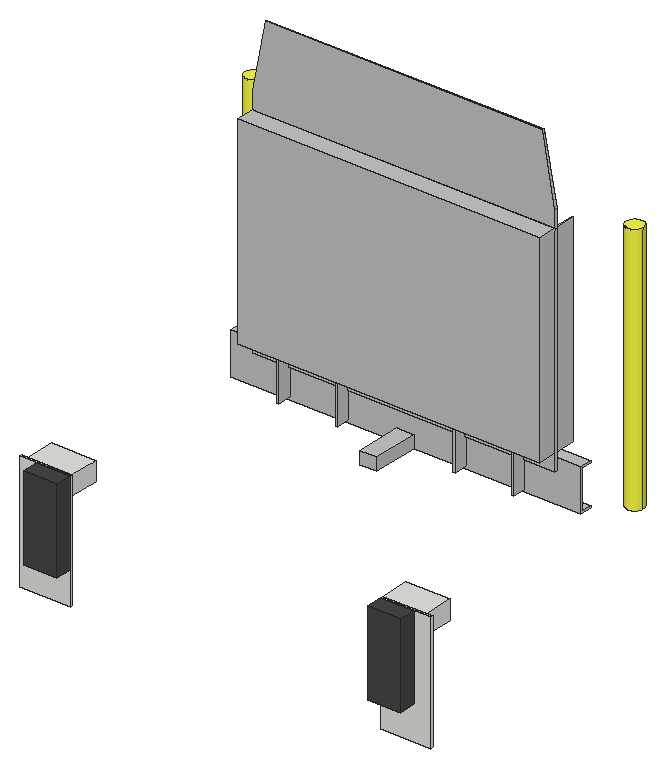
Revit family "Levelers_Serco_RM-VSL", category Generic Models, host Floor, Revit 2026
Family settings
  Host = Floor
  Can host rebar = No
  Round Connector Dimension = Use Diameter
  Part Type = Normal
  Always vertical = Yes
  Cut with Voids When Loaded = Yes
  Maintain Annotation Orientation = No
  Shared = No
  Room Calculation Point = No
Parameters (values of type "6x5")
  URL = "https://www.entrematic.us/en/ent/entrematicus/"
  Type Comments = "Remote Motor, Pit Mount"
  PitWidth = LevelerWidth + 0' 5 1/2"  # 6' - 5 1/2"
  PitLength = 4' - 5 1/8"
  PitDepth = 0' - 10"
  Model = "VSL"
  Manufacturer = "Entrematic"
  LipTaper = LevelerWidth - 0' 6"  # 5' - 6"
  LipLength = 1' - 8"
  LevelerWidth = 6' - 0"
  LevelerLength = 4' - 4"
  Exclusion = LevelerWidth + 1' 4"  # 7' - 4"
  EmbedWidth = PitWidth + 0' 6"  # 6' - 11 1/2"
  Description = "Vertically Stored Leveler"
  Default Elevation = 0' - 0"
  Capacity = "40-50k"
  BumperPudWidth = 0' - 8"
  BumperPudHeight = 1' - 8"
  BumperProjection = 0' - 4"
  BumperPlateWidth = 1' - 0"
  BumperPlateHeight = 2' - 4"
  BumperDistance = LevelerWidth + 0' 2"  # 6' - 2"
  BumperBelowDock = 0' - 6"
  BollardHeight = 4' - 0"
Types (9): name | PitWidth | PitLength | PitDepth | LipTaper | LevelerWidth | LevelerLength | Exclusion | EmbedWidth | BumperDistance | BumperBelowDock | BollardHeight
  6x8 | 6' - 5 1/2" | 6' - 10 11/16" | 1' - 3" | 5' - 6" | 6' - 0" | 6' - 9 9/16" | 7' - 4" | 6' - 11 1/2" | 6' - 2" | 0' - 0" | 3' - 10"
  6x6 | 6' - 5 1/2" | 5' - 5 1/8" | 1' - 0" | 5' - 6" | 6' - 0" | 5' - 4" | 7' - 4" | 6' - 11 1/2" | 6' - 2" | 0' - 0" | 4' - 0"
  6x5 | 6' - 5 1/2" | 4' - 5 1/8" | 0' - 10" | 5' - 6" | 6' - 0" | 4' - 4" | 7' - 4" | 6' - 11 1/2" | 6' - 2" | 0' - 6" | 4' - 0"
  6.5x5 | 6' - 11 1/2" | 4' - 5 1/8" | 0' - 10" | 6' - 0" | 6' - 6" | 4' - 4" | 7' - 10" | 7' - 5 1/2" | 6' - 8" | 0' - 0" | 3' - 10"
  6.5x6 | 6' - 11 1/2" | 5' - 5 1/8" | 1' - 0" | 6' - 0" | 6' - 6" | 5' - 4" | 7' - 10" | 7' - 5 1/2" | 6' - 8" | 0' - 0" | 3' - 10"
  6.5x8 | 6' - 11 1/2" | 6' - 10 11/16" | 1' - 3" | 6' - 0" | 6' - 6" | 6' - 9 9/16" | 7' - 10" | 7' - 5 1/2" | 6' - 8" | 0' - 0" | 3' - 10"
  7x5 | 7' - 5 1/2" | 4' - 5 1/8" | 0' - 10" | 6' - 6" | 7' - 0" | 4' - 4" | 8' - 4" | 7' - 11 1/2" | 7' - 2" | 0' - 0" | 3' - 10"
  7x6 | 7' - 5 1/2" | 5' - 5 1/8" | 1' - 0" | 6' - 6" | 7' - 0" | 5' - 4" | 8' - 4" | 7' - 11 1/2" | 7' - 2" | 0' - 0" | 3' - 10"
  7x8 | 7' - 5 1/2" | 6' - 10 11/16" | 1' - 3" | 6' - 6" | 7' - 0" | 6' - 9 9/16" | 8' - 4" | 7' - 11 1/2" | 7' - 2" | 0' - 0" | 3' - 10"
Reference planes (in)
  plane 1 "Center (Front/Back)": y = 0
  plane 2: z = 0
  plane 3 "Center (Left/Right)": x = 0
  plane 4 "Edge of Dock": y = -60
  plane 5: x = 38.75
  plane 6: x = -38.75
  plane 7: x = -41.75
  plane 8: x = 41.75
  plane 9: y = -6.875
  plane 10: z = -10
  plane 11: z = -10.5
  plane 12: x = -37
  plane 13: x = 37
  plane 14: z = 49.12407
  plane 15: z = -2.87593
  plane 16: y = 8.125
  plane 17: y = -3.875
  plane 18: z = -6
  plane 19: z = -34
  plane 20: x = -49
  plane 21: x = 49
  plane 22: y = -60.5
  plane 23: z = -26
  plane 24: x = -45
  plane 25: x = 45
  plane 26: y = -64.5
  plane 27: y = -53
  plane 28: x = -47.5
  plane 29: x = 47.5
  plane 30: y = -7.25
  plane 31: z = 69.12407
  plane 32: x = -36
  plane 33: x = 36
  plane 34: z = -0.375
  plane 35: z = -9.625
  plane 36: y = -6.5
  plane 37: x = -33
  plane 38: x = 33
  plane 39: z = 53.12407
  plane 40: y = -1.875
  plane 41: y = -11.875
  plane 42: z = 1.12407
  plane 43: x = -35.625
  plane 44: x = 35.625
  plane 45: z = -10
  plane 46: z = -9.5
  plane 47: y = -9.875
  plane 48: y = -17.875
  plane 49: z = -7
  plane 50: x = 2
  plane 51: x = -2
  plane 52: x = 14.3125
  plane 53: x = 27.6875
  plane 54: x = 13.6875
  plane 55: x = 28.3125
  plane 56: x = -14.3125
  plane 57: x = -27.6875
  plane 58: x = -13.6875
  plane 59: x = -28.3125
  plane 60: x = -44
  plane 61: x = 44
  plane 62: y = 3.25
  plane 63: y = 4.6875
  plane 64: x = 45.4375
  plane 65: x = -45.4375
  plane 66: z = -12
  plane 67: z = 48
Forms (in)
  Extrusion 1, void
    sketch origin (0, 0, 0) x (0, 1, 0) y (0, 0, 1)
      loop
        line (-60, 0) -> (-60, -10.5) -> (-6.875, -10) -> (-6.875, 0) -> (-60, 0)
    from -38.75 to 38.75
  Extrusion 2, void
    sketch origin (0, 0, 0) x (0, 1, 0) y (0, 0, 1)
      loop
        line (-3.875, 0) -> (-6.875, 0) -> (-6.875, -10) -> (-3.875, -10) -> (-3.875, 0)
    from -41.75 to 41.75
  Extrusion 3, solid, material "Serco Gray"
    sketch origin (0, 0, 0) x (0, 1, 0) y (0, 0, 1)
      loop
        line (-6.875, 0) -> (-6.875, -10) -> (-3.875, -10) -> (-3.875, -9.625) -> (-6.5, -9.625) -> (-6.5, -0.375) -> (-3.875, -0.375) -> (-3.875, 0) -> (-6.875, 0)
    from -41.75 to 41.75
  Extrusion 4, solid, material "Steel"
    sketch origin (0, 0, 0) x (1, 0, 0) y (0, 0, 1)
      loop
        line (-37, -6) -> (-49, -6) -> (-49, -34) -> (-37, -34) -> (-37, -6)
      loop
        line (37, -6) -> (37, -34) -> (49, -34) -> (49, -6) -> (37, -6)
    from 60 to 60.5
  Extrusion 5, solid, material "Glossy - Black"
    sketch origin (0, 0, 0) x (1, 0, 0) y (0, 0, 1)
      loop
        line (-37, -6) -> (-45, -6) -> (-45, -26) -> (-37, -26) -> (-37, -6)
      loop
        line (37, -6) -> (37, -26) -> (45, -26) -> (45, -6) -> (37, -6)
    from 60.5 to 64.5
  Extrusion 6, solid, material "Steel"
    sketch origin (0, 0, 0) x (1, 0, 0) y (0, 1, 0)
      loop
        line (-37, -60) -> (-37, -53) -> (-47.5, -53) -> (-47.5, -60) -> (-37, -60)
      loop
        line (37, -60) -> (47.5, -60) -> (47.5, -53) -> (37, -53) -> (37, -60)
    from -10.5 to -6
  Extrusion 7, solid, material "Serco Diamond"
    sketch origin (0, 0, 0) x (0, 1, 0) y (0, 0, 1)
      loop
        line (-6.875, 49.12407) -> (-7.25, 49.12407) -> (-7.25, -2.87593) -> (-6.875, -2.87593) -> (-6.875, 49.12407)
    from -36 to 36
  Extrusion 8, solid, material "Serco Diamond"
    sketch origin (0, 0, 0) x (1, 0, 0) y (0, 0, 1)
      loop
        line (-36, 53.12407) -> (-36, 49.12407) -> (36, 49.12407) -> (36, 53.12407) -> (33, 69.12407) -> (-33, 69.12407) -> (-36, 53.12407)
    from 6.875 to 7.25
  Extrusion 9, solid, material "Serco Gray"
    sketch origin (0, 0, 0) x (1, 0, 0) y (0, 1, 0)
      loop
        line (-36, -6.875) -> (-35.625, -6.875) -> (-35.625, -1.875) -> (-36, -1.875) -> (-36, -6.875)
      loop
        line (35.625, -1.875) -> (35.625, -6.875) -> (36, -6.875) -> (36, -1.875) -> (35.625, -1.875)
    from 1.12407 to 49.12407
  Extrusion 10, solid, material "Serco Gray"
    sketch origin (0, 0, 0) x (0, 1, 0) y (0, 0, 1)
      loop
        line (-7.25, 49.12407) -> (-11.875, 49.12407) -> (-11.875, 1.12407) -> (-7.25, 1.12407) -> (-7.25, 49.12407)
    from -36 to 36
  Extrusion 11, solid, material "Serco Gray"
    sketch origin (0, 0, 0) x (0, 1, 0) y (0, 0, 1)
      loop
        line (-17.875, -7) -> (-17.875, -10) -> (-6.875, -10) -> (-6.875, -7) -> (-17.875, -7)
    from -2 to 2
  Extrusion 12, solid, material "Serco Gray"
    sketch origin (0, 0, 0) x (1, 0, 0) y (0, 0, 1)
      loop
        line (-28.3125, 0) -> (-28.3125, -9.5) -> (-27.6875, -9.5) -> (-27.6875, 0) -> (-28.3125, 0)
      loop
        line (-14.3125, 0) -> (-14.3125, -9.5) -> (-13.6875, -9.5) -> (-13.6875, 0) -> (-14.3125, 0)
      loop
        line (13.6875, 0) -> (13.6875, -9.5) -> (14.3125, -9.5) -> (14.3125, 0) -> (13.6875, 0)
      loop
        line (27.6875, 0) -> (27.6875, -9.5) -> (28.3125, -9.5) -> (28.3125, 0) -> (27.6875, 0)
    from 6.875 to 9.875
  Extrusion 13, solid, material "Safety Yellow"
    sketch origin (0, 0, 0) x (1, 0, 0) y (0, 1, 0)
      loop
        circle (-45.4375, 4.6875) r 2
      loop
        circle (45.4375, 4.6875) r 2
    from -12 to 48
Lines and regions (in)
  model lines
    curve 1: line (-44, 3.25, 0) -> (-44, -6.875, 0)
    curve 2: line (-44, -6.875, 0) -> (44, -6.875, 0)
    curve 3: line (44, -6.875, 0) -> (44, 3.25, 0)
    curve 4: line (44, 3.25, 0) -> (-44, 3.25, 0)
Dimensions and locks (in)
  equal spacing: host sketch curve, plane 1 "Center (Front/Back)", host sketch curve
  equal spacing: host sketch curve, plane 3 "Center (Left/Right)", host sketch curve
  host sketch curve to host sketch curve = 10' - 0"  (x2)
  "PitLength": plane 9 to plane 4 "Edge of Dock"
  equal spacing: plane 6, plane 3 "Center (Left/Right)", plane 5
  "PitWidth": plane 6 to plane 5
  equal spacing: plane 7, plane 3 "Center (Left/Right)", plane 8
  "EmbedWidth": plane 7 to plane 8
  locked: plane 11 to plane 10 at 0.5
  "PitDepth": plane 10 to level
  locked: level to plane 15 at 2.87593
  "LevelerLength": plane 14 to plane 15
  "BumperBelowDock": level to plane 18
  equal spacing: plane 13, plane 3 "Center (Left/Right)", plane 12
  "BumperDistance": plane 13 to plane 12
  "BumperPlateWidth": plane 20 to plane 12
  "BumperPlateWidth": plane 21 to plane 13
  "BumperPlateHeight": plane 18 to plane 19
  locked: plane 22 to plane 4 "Edge of Dock" at 0.5
  "BumperPudHeight": plane 18 to plane 23
  "BumperPudWidth": plane 12 to plane 24
  "BumperPudWidth": plane 25 to plane 13
  "BumperProjection": plane 26 to plane 22
  locked: plane 29 to plane 13 at 10.5
  locked: plane 28 to plane 12 at 10.5
  locked: plane 4 "Edge of Dock" to plane 27 at 7
  "LipLength": plane 31 to plane 14
  equal spacing: plane 33, plane 3 "Center (Left/Right)", plane 32
  "LevelerWidth": plane 33 to plane 32
  locked: plane 30 to plane 9 at 0.375
  locked: plane 9 to plane 17 at 3
  locked: level to plane 34 at 0.375
  locked: plane 35 to plane 10 at 0.375
  locked: plane 9 to plane 36 at 0.375
  equal spacing: plane 38, plane 3 "Center (Left/Right)", plane 37
  "LipTaper": plane 38 to plane 37
  locked: plane 39 to plane 14 at 4
  plane 14 to Extrusion 8 = 1' - 8"
  locked: plane 42 to Extrusion 7 at 4
  locked: plane 44 to plane 33 at 0.375
  locked: plane 43 to plane 32 at 0.375
  locked: plane 9 to plane 40 at 5
  locked: plane 41 to plane 9 at 5
  Extrusion 3 to plane 46 to plane 45 = 0' - 9 1/2" locked, 0' - 0 1/2" locked
  locked: plane 45 to plane 49 at 3
  plane 50 to plane 3 "Center (Left/Right)" to plane 51 = 0' - 2" locked, 0' - 2" locked
  locked: plane 48 to plane 9 at 11
  locked: plane 47 to plane 9 at 3
  locked: plane 54 to plane 3 "Center (Left/Right)" at 13.6875
  locked: plane 52 to plane 54 at 0.625
  locked: plane 55 to plane 53 at 0.625
  locked: plane 53 to plane 3 "Center (Left/Right)" at 27.6875
  locked: plane 58 to plane 3 "Center (Left/Right)" at 13.6875
  locked: plane 56 to plane 58 at 0.625
  locked: plane 59 to plane 57 at 0.625
  locked: plane 57 to plane 3 "Center (Left/Right)" at 27.6875
  Extrusion 12 sketch curve to Extrusion 12 sketch curve to Extrusion 12 sketch curve = 0' - 9 1/2", 0' - 0"
  equal spacing: plane 60, plane 3 "Center (Left/Right)", plane 61
  "Exclusion": plane 60 to plane 61
  locked: plane 62 to plane 30 at 10.5
  locked: plane 63 to plane 62 at 1.4375
  locked: plane 64 to plane 61 at 1.4375
  locked: plane 65 to plane 60 at 1.4375
  "BollardHeight": level to plane 67
  locked: plane 66 to level at 12
  radius of Extrusion 13 sketch curve = 0' - 2"  (x2)
  aligned and locked: level to plane 2
  aligned and locked: plane 4 "Edge of Dock" to host floor
  aligned and locked: level to Extrusion 1 sketch curve
  aligned and locked: Extrusion 1 sketch curve to plane 4 "Edge of Dock"
  aligned and locked: plane 10 to Extrusion 1 sketch curve
  aligned and locked: plane 11 to Extrusion 1 sketch curve
  aligned and locked: plane 4 "Edge of Dock" to Extrusion 1 sketch curve
  aligned and locked: plane 9 to Extrusion 1 sketch curve
  aligned and locked: plane 6 to Extrusion 1
  aligned and locked: Extrusion 1 to plane 5
  aligned and locked: plane 7 to Extrusion 2
  aligned and locked: Extrusion 2 to plane 8
  aligned and locked: plane 17 to Extrusion 3 sketch curve  (x2)
  aligned and locked: plane 7 to Extrusion 3
  aligned and locked: Extrusion 3 to plane 8
  aligned and locked: plane 12 to Extrusion 4 sketch curve
  aligned and locked: plane 13 to Extrusion 4 sketch curve
  aligned and locked: Extrusion 4 sketch curve to plane 18
  aligned and locked: plane 18 to Extrusion 4 sketch curve
  aligned and locked: plane 19 to Extrusion 4  (x2)
  aligned and locked: Extrusion 4 to plane 20
  aligned and locked: plane 21 to Extrusion 4
  aligned and locked: plane 22 to Extrusion 4
  aligned and locked: plane 4 "Edge of Dock" to Extrusion 4
  aligned and locked: Extrusion 5 sketch curve to plane 24
  aligned and locked: plane 23 to Extrusion 5 sketch curve
  aligned and locked: Extrusion 5 sketch curve to plane 23
  aligned and locked: plane 26 to Extrusion 5
  aligned and locked: Extrusion 5 to plane 22
  aligned and locked: Extrusion 6 sketch curve to plane 27  (x2)
  aligned and locked: Extrusion 6 sketch curve to plane 28
  aligned and locked: Extrusion 6 sketch curve to plane 29
  aligned and locked: Extrusion 6 to plane 11
  aligned and locked: Extrusion 6 to plane 18
  aligned and locked: plane 14 to Extrusion 7 sketch curve
  aligned and locked: plane 9 to Extrusion 7 sketch curve
  aligned and locked: Extrusion 7 sketch curve to plane 15
  aligned and locked: Extrusion 7 sketch curve to plane 30
  aligned and locked: Extrusion 7 to plane 32
  aligned and locked: plane 33 to Extrusion 7
  aligned and locked: level to Extrusion 3 sketch curve
  aligned and locked: Extrusion 3 sketch curve to plane 9
  aligned and locked: plane 10 to Extrusion 3 sketch curve
  aligned and locked: Extrusion 3 sketch curve to plane 34
  aligned and locked: Extrusion 3 sketch curve to plane 36
  aligned and locked: plane 17 to Extrusion 2 sketch curve
  aligned and locked: host floor to Extrusion 2 sketch curve
  aligned and locked: plane 10 to Extrusion 2 sketch curve
  aligned and locked: Extrusion 2 sketch curve to plane 9
  aligned and locked: plane 14 to Extrusion 8 sketch curve
  aligned and locked: Extrusion 8 sketch curve to plane 31
  aligned and locked: Extrusion 8 sketch curve to plane 38
  aligned and locked: Extrusion 8 sketch curve to plane 37
  aligned and locked: plane 9 to Extrusion 8
  aligned and locked: Extrusion 8 to plane 30
  aligned and locked: Extrusion 8 sketch curve to plane 33
  aligned and locked: Extrusion 8 sketch curve to plane 32
  aligned and locked: plane 39 to Extrusion 8 sketch curve  (x2)
  aligned and locked: Extrusion 9 sketch curve to Extrusion 7  (x2)
  aligned and locked: Extrusion 9 sketch curve to plane 43
  aligned and locked: plane 44 to Extrusion 9 sketch curve
  aligned and locked: Extrusion 9 to plane 9  (x2)
  aligned and locked: Extrusion 9 to plane 40  (x2)
  aligned and locked: Extrusion 9 to plane 42
  aligned and locked: plane 42 to Extrusion 9
  aligned and locked: plane 14 to Extrusion 9
  aligned and locked: Extrusion 10 sketch curve to plane 42
  aligned and locked: plane 30 to Extrusion 10 sketch curve
  aligned and locked: Extrusion 10 sketch curve to plane 41
  aligned and locked: plane 14 to Extrusion 10 sketch curve
  aligned and locked: Extrusion 10 to plane 32
  aligned and locked: plane 33 to Extrusion 10
  aligned and locked: plane 49 to Extrusion 11 sketch curve
  aligned and locked: plane 48 to Extrusion 11 sketch curve
  aligned and locked: Extrusion 11 sketch curve to plane 45
  aligned and locked: Extrusion 11 sketch curve to plane 9
  aligned and locked: plane 50 to Extrusion 11
  aligned and locked: Extrusion 11 to plane 51
  aligned and locked: plane 53 to Extrusion 12 sketch curve
  aligned and locked: plane 54 to Extrusion 12 sketch curve
  aligned and locked: Extrusion 12 sketch curve to plane 52
  aligned and locked: Extrusion 12 sketch curve to plane 58
  aligned and locked: Extrusion 12 sketch curve to plane 56
  aligned and locked: Extrusion 12 sketch curve to plane 57
  aligned and locked: Extrusion 12 sketch curve to plane 59
  aligned and locked: plane 9 to Extrusion 12
  aligned and locked: Extrusion 12 to plane 47
  aligned and locked: plane 46 to Extrusion 12  (x4)
  aligned and locked: level to Extrusion 12  (x4)
  aligned and locked: Extrusion 13 sketch curve to plane 63
  aligned and locked: plane 64 to Extrusion 13 sketch curve
  aligned and locked: Extrusion 13 sketch curve to plane 65
  aligned and locked: plane 63 to Extrusion 13 sketch curve
  aligned and locked: Extrusion 13 to plane 67
  aligned and locked: plane 66 to Extrusion 13
  aligned and locked: text3d elem to Extrusion 9
  aligned and locked: text3d elem to plane 3 "Center (Left/Right)"
  aligned and locked: Extrusion 5 sketch curve to plane 18
  aligned and locked: plane 18 to Extrusion 5 sketch curve
  aligned and locked: plane 12 to Extrusion 5
  aligned and locked: Extrusion 5 to plane 13
Automatic sketch dimensions
  Extrusion 3 sketch curve to plane 10 = 0' - 0 3/8"
  Extrusion 4 sketch curve to plane 20 = 0' - 0"
  Extrusion 4 sketch curve to plane 21 = 0' - 0"
  Extrusion 4 sketch curve to plane 19 = 0' - 0"  (x2)
  Extrusion 6 sketch curve to plane 12 = 0' - 0"
  Extrusion 6 sketch curve to plane 4 "Edge of Dock" = 0' - 0"  (x2)
  Extrusion 6 sketch curve to plane 13 = 0' - 0"
  Extrusion 9 sketch curve to plane 9 = 0' - 0"  (x2)
  Extrusion 9 sketch curve to plane 40 = 0' - 0"  (x2)
  plane 15 to Extrusion 12 sketch curve = 0' - 2.87593"  (x3)
  Extrusion 12 sketch curve to plane 55 = 0' - 0"
  Extrusion 12 sketch curve to plane 46 = 0' - 0"  (x3)
  curve 2 to plane 9 = 0' - 0"
  curve 2 to plane 60 = 0' - 0"
  curve 4 to plane 61 = 0' - 0"
  curve 1 to plane 62 = 0' - 0"
  Extrusion 5 sketch curve to plane 12 = 0' - 0"
  Extrusion 5 sketch curve to plane 13 = 0' - 0"
  Extrusion 5 sketch curve to plane 25 = 0' - 0"
